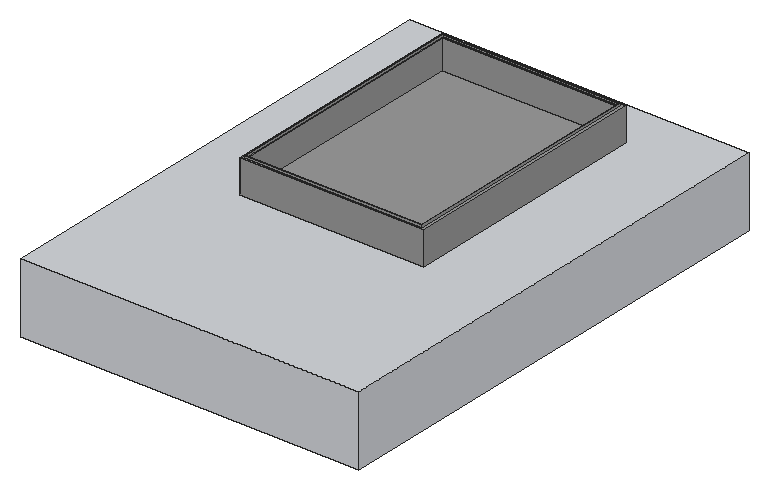
Revit family "Hager-Univers-IP30-D161-Cl.II-FWQ-encl-NL-en", category Equipement électrique, Revit 2020
Family settings
  Hôte = Face
  Configuration du panneau = Deux colonnes, circuits au sein
  Cote de connecteur circulaire = Utiliser le diamètre
  Type d'élément = Tableau de raccordement
  Couper avec des vides une fois chargée = Non
  Partagée = Non
  Point de calcul de pièce = Non
Parameters (values of type "Surface mounted (plaster) IP30 W800 H1100 D161  - FWQ73D1")
  Width Control [instance] = if([EF000008 - Width] > Min Width, [EF000008 - Width], Min Width)  # 800 mm
  Commentaires du type = [HG000003 - Range]  # "Univers"
  Thickness Door [instance] = if([EF009171 - Material plate thickness door/cover] > 3 mm, 3 mm, [EF009171 - Material plate thickness door/cover])  # 2 mm
  Seal Frame Offset [instance] = 17 mm  # constant formula
  Plinth Visibility [instance] = [HG000027 - Plinth height] > 0 mm  # no
  Model = ""
  Min Width [instance] = 100 mm  # constant formula
  Min Height [instance] = 100 mm  # constant formula
  Min Depth [instance] = (2 * [EF009170 - Material plate thickness cabinet]) + 1 mm  # 5 mm
  Internal Frame Depth [instance] = (Door System Depth * 0.5)  # 9 mm
  Height Control [instance] = if([EF000040 - Height] > Min Height, [EF000040 - Height], Min Height)  # 1100 mm
  HG000027 - Plinth height = 0 mm
  HG000026 - Floor standing = no
  HG000024 - Bottom section height = 800 mm
  HG000023 - Double section enclosure = no
  HG000016 - Door 3d visibility [instance] = yes
  HG000015 - Clearance visibility [instance] = no
  HG000014 - Door on the right [instance] = yes
  HG000013 - Door on the left [instance] = not([HG000014 - Door on the right])  # no
  HG000012 - Door swing angle [instance] = 30.00°
  HG000010 - Asymmetric doors = no
  HG000009 - Double swing door = no
  HG000006 - Flush mounted = no
  HG000004 - Manufacturer reference = "FWQ73D1"
  HG000003 - Range = "Univers"
  HG000002 - With door or cover = no
  Frame Offset Bottom [instance] = 10 mm  # constant formula
  Frame Offset [instance] = 15 mm  # constant formula
  EF015940 - Cover with overpressure release = no
  EF011959 - Degree of protection (NEMA) = ""
  EF009554 - Number of openings for flange plates = 6
  EF009212 - Cover model = "EV009916 - With notch"
  EF009171 - Material plate thickness door/cover = 2 mm
  EF009170 - Material plate thickness cabinet = 2 mm
  Fabricant = "Hager"  # constant formula
  EF008873 - Nominal current (In) = 125 A
  EF007800 - Suitable for lightning protection = no
  EF006306 - With lock = no
  EF006244 - Transparent cover/door = no
  EF005474 - Degree of protection (IP) = "EV006410 - IP30"
  EF004464 - Type of door = "EV002646 - Single"
  EF004427 - Number of modules = 252
  EF004293 - Impact strength = ""
  EF003532 - Suitable for outdoor use = no
  EF002950 - Width in number of modular spacings = 12
  EF001613 - Circuit integrity = "EV000494 - None"
  EF001596 - Material housing = "EV000179 - Steel"
  EF001131 - Internal depth = 161 mm
  EF001088 - Extension possible = yes
  EF000437 - Number of conduit inlets = 12
  EF000339 - Type of cover = "EV001012 - Cover"
  EF000266 - Number of rows = 21
  EF000218 - Built-in depth = 0 mm
  EF000118 - With mounting plate = yes
  EF000116 - RAL-number = "9010"
  EF000049 - Depth = 161 mm
  EF000040 - Height = 1100 mm
  EF000008 - Width = 800 mm
  EF000007 - Colour = "EV000202 - White"
  EF000003 - Mounting method = "EV000384 - Surface mounted (plaster)"
  Door System Leaf Tolerance [instance] = 1.5 mm  # constant formula
  Door System Depth [instance] = 18 mm  # constant formula
  Door Height [instance] = Height Control - [HG000027 - Plinth height]  # 1100 mm
  Depth Control [instance] = if([EF000049 - Depth] > Min Depth, [EF000049 - Depth], Min Depth)  # 161 mm
  Default Elevation = 0 mm
  Connector Offset [instance] = Height Control / 2  # 550 mm
  Bottom Top Plate Trim [instance] = 1.5 mm  # constant formula
  Plinth height Ctrl [instance] = if([HG000027 - Plinth height] > 0 mm, [HG000027 - Plinth height], 12 mm)  # 12 mm
Types (2, lengths in mm): name | Width Control | HG000004 - Manufacturer reference | EF009554 - Number of openings for flange plates | EF004427 - Number of modules | EF000437 - Number of conduit inlets | EF000266 - Number of rows | EF000008 - Width
  Surface mounted (plaster) IP30 W1050 H1100 D161  - FWQ74D1 | 1050 | "FWQ74D1" | 8 | 336 | 16 | 28 | 1050
  Surface mounted (plaster) IP30 W800 H1100 D161  - FWQ73D1 | 800 | "FWQ73D1" | 6 | 252 | 12 | 21 | 800
Reference planes
  plane 1 "Center (Front/Back)": y = 0
  plane 2: z = 0
  plane 3 "Center (Left/Right)": x = 0
  plane 4: z = 161
  plane 5: y = 2
  plane 6: y = 550
  plane 7: y = 0
  plane 8: y = 1100
  plane 9: z = 0
  plane 10: x = -385
  plane 11: x = 385
  plane 12: x = 383
  plane 13: x = -383
  plane 14: y = 1098
  plane 15: x = -383
  plane 16: x = -400
  plane 17: x = 383
  plane 18: x = 400
  plane 19: x = 398
  plane 20: x = -398
  plane 21: y = 12
  plane 22: y = 1100
  plane 23: y = 1083
  plane 24: z = 143
  plane 25: z = 2
  plane 26: z = 141
  plane 27: z = 159
Forms (mm)
  Extrusion 1, solid
    sketch origin (0, 0, 0) x (1, 0, 0) y (0, 1, 0)
      loop
        line (-702.964, 1305) -> (-702.964, -811.445) -> (766.763, -811.445) -> (766.763, 1305) -> (-702.964, 1305)
    from 0 to -304.8
  Extrusion 2, solid, material "Hager_Steel_RAL7035_Light_Grey", visible <- "Plinth Visibility", detail levels medium+fine
    sketch origin (0, 0, 0) x (1, 0, 0) y (0, 1, 0)
      loop
        line (-400, 0) -> (400, 0) -> (400, 12) -> (-400, 12) -> (-400, 0)
    from 0 to 143
  Extrusion 3, solid, material "Hager_Steel_RAL7035_Light_Grey", detail levels medium+fine
    sketch origin (0, 0, 0) x (1, 0, 0) y (0, 1, 0)
      loop
        line (-400, 0) -> (400, 0) -> (400, 1100) -> (-400, 1100) -> (-400, 0)
    from 0 to 143
  Extrusion 4, void
    sketch origin (0, 0, 0) x (1, 0, 0) y (0, 1, 0)
      loop
        line (-398, 2) -> (398, 2) -> (398, 1098) -> (-398, 1098) -> (-398, 2)
    from 2 to 141
  Extrusion 5, void
    sketch origin (-381.607, -4572, 143) x (0, -1, 0) y (-1, 0, 0)
      loop
        line (-4584, 1.393) -> (-5655, 1.393) -> (-5655, -764.607) -> (-4584, -764.607) -> (-4584, 1.393)
    from 0 to 2 <- "EF009170 - Material plate thickness cabinet"
  Extrusion 6, solid, material "Hager_Steel_RAL7035_Light_Grey", detail levels fine
    sketch origin (0, 0, 143) x (1, 0, 0) y (0, 1, 0)
      loop
        line (-383, 1083) -> (-383, 12) -> (383, 12) -> (383, 1083) -> (-383, 1083)
      loop
        line (-385, 10) -> (385, 10) -> (385, 1085) -> (-385, 1085) -> (-385, 10)
    from 0 to 9 <- "Internal Frame Depth"
  Extrusion 7, solid, material "Hager_Steel_RAL7035_Light_Grey", detail levels coarse
    sketch origin (0, 0, 0) x (1, 0, 0) y (0, 1, 0)
      loop
        line (-400, 0) -> (400, 0) -> (400, 1100) -> (-400, 1100) -> (-400, 0)
    from 0 to 161
  Sweep 8, void
    path in 3D
      loop
        line (-400, 12, 0) -> (400, 12, 0) -> (400, 12, 143) -> (-400, 12, 143) -> (-400, 12, 0)
    profile origin (-400, 12, 71.5) x (-1, 0, 0) y (0, -1, 0)
      loop
        line (0, 0) -> (0, 1.5) -> (-1.5, 1.5)
        arc (-1.5, 1.5) -> (-1.061, 0.439) -> (0, 0) r 1.5
Cuts and joins
  Extrusion 4, Extrusion 5 cuts Extrusion 3
  Sweep 8 cuts Extrusion 2
Lines and regions (mm)
  Masking region 1
    outline origin (0, 0, 0) x (1, 0, 0) y (0, 0, 1)
      loop
        line (-400, 161) -> (-400, 0) -> (400, 0) -> (400, 161) -> (-400, 161)
  Masking region 2, detail levels medium+fine
    outline origin (0, 140, 0) x (0, 1, 0) y (0, 0, 1)
      loop
        line (-140, 0) -> (960, 0) -> (960, 143) -> (-140, 143) -> (-140, 0)
  Masking region 3, not visible, detail levels medium+fine
    outline origin (0, 297.922, 0) x (0, 1, 0) y (0, 0, 1)
      loop
        line (263.578, 0) -> (303.578, 0) -> (303.578, 149)
        arc (303.578, 149) -> (300.649, 156.071) -> (293.578, 159) r 10
        line (293.578, 159) -> (263.578, 159) -> (263.578, 0)
  Masking region 4, detail levels coarse
    outline origin (0, 0, 180) x (0, 1, 0) y (0, 0, 1)
      loop
        line (0, -180) -> (1100, -180) -> (1100, -19) -> (0, -19) -> (0, -180)
  Masking region 5, visible <- "Plinth Visibility", detail levels medium+fine
    outline origin (0, 52.24, 12.345) x (0, 0, -1) y (0, 1, 0)
      loop
        line (10.845, -40.24) -> (-129.155, -40.24)
        arc (-129.155, -40.24) -> (-129.594, -41.301) -> (-130.655, -41.74) r 1.5
        line (-130.655, -41.74) -> (-130.655, -52.24) -> (12.345, -52.24) -> (12.345, -41.74)
        arc (12.345, -41.74) -> (11.285, -41.301) -> (10.845, -40.24) r 1.5
  Masking region 6, detail levels medium+fine
    outline origin (-381.607, -4572, 143) x (-1, 0, 0) y (0, -1, 0)
      loop
        line (18.393, -5672) -> (18.393, -4572) -> (-781.607, -4572) -> (-781.607, -5672) -> (18.393, -5672)
  Masking region 7, visible <- "Plinth Visibility", detail levels medium+fine
    outline origin (-381.607, -4727, 143) x (-1, 0, 0) y (0, -1, 0)
      loop
        arc (16.893, -4739) -> (17.332, -4737.939) -> (18.393, -4737.5) r 1.5
        line (18.393, -4737.5) -> (18.393, -4727) -> (-781.607, -4727) -> (-781.607, -4737.5)
        arc (-781.607, -4737.5) -> (-780.546, -4737.939) -> (-780.107, -4739) r 1.5
        line (-780.107, -4739) -> (16.893, -4739)
  Masking region 8, detail levels coarse
    outline origin (-442.548, -4669.526, 143) x (-1, 0, 0) y (0, -1, 0)
      loop
        line (-42.548, -5769.526) -> (-42.548, -4669.526) -> (-842.548, -4669.526) -> (-842.548, -5769.526) -> (-42.548, -5769.526)
  sketch lines
    curve 1: line (-400, 12, 143) -> (-400, 12, 0)
    curve 2: line (400, 12, 143) -> (-400, 12, 143)
    curve 3: line (400, 12, 143) -> (400, 12, 0)
    curve 4: line (-400, 12, 0) -> (400, 12, 0)
Dimensions and locks
  "Depth Control": plane 4 to Extrusion 1
  "HG000027 - Plinth height": plane 1 "Center (Front/Back)" to plane 7
  "EF009170 - Material plate thickness cabinet": plane 5 to plane 7
  locked: connector elem to plane 3 "Center (Left/Right)"
  equal spacing: plane 8, plane 6, plane 7
  locked: connector elem to plane 6
  "EF009170 - Material plate thickness cabinet": plane 8 to plane 14
  "EF009170 - Material plate thickness cabinet": plane 10 to plane 13
  "EF009170 - Material plate thickness cabinet": plane 12 to plane 11
  "Frame Offset": plane 20 to plane 13
  "Frame Offset": plane 12 to plane 19
  "EF009170 - Material plate thickness cabinet": plane 16 to plane 20
  "EF009170 - Material plate thickness cabinet": plane 19 to plane 18
  "Seal Frame Offset": plane 16 to plane 15
  "Seal Frame Offset": plane 17 to plane 18
  "Frame Offset Bottom": plane 21 to plane 5
  "Frame Offset": plane 14 to plane 23
  equal spacing: plane 16, plane 3 "Center (Left/Right)", plane 18
  "Width Control": plane 16 to plane 18
  "EF009170 - Material plate thickness cabinet": plane 4 to plane 27
  "EF009170 - Material plate thickness cabinet": plane 24 to plane 26
  "EF009170 - Material plate thickness cabinet": plane 25 to level
  "Door System Depth": plane 4 to plane 24
  "Height Control": plane 1 "Center (Front/Back)" to Extrusion 7 sketch curve
  "Height Control": Masking region 4 sketch curve to plane 1 "Center (Front/Back)"
  "Height Control": plane 1 "Center (Front/Back)" to plane 22
  "Bottom Top Plate Trim": profile plane to Sweep 8 sketch curve
  "Bottom Top Plate Trim": Sweep 8 sketch curve to profile plane
  "Plinth height Ctrl": plane 1 "Center (Front/Back)" to Extrusion 2 sketch curve
  "Plinth height Ctrl": Masking region 5 sketch curve to plane 1 "Center (Front/Back)"
  "Plinth height Ctrl": plane 1 "Center (Front/Back)" to Masking region 7 sketch curve
  "Thickness Door": Extrusion 6 sketch curve to Extrusion 6 sketch curve  (x3)
  "Thickness Door": cut or joined group of Extrusion 3, Extrusion 4, Extrusion 5 to Extrusion 6 sketch curve
  radius of Masking region 3 sketch curve = 10 mm
  "Bottom Top Plate Trim": radius of Masking region 5 sketch curve  (x2)
  "Bottom Top Plate Trim": radius of Sweep 8 sketch curve
  "Bottom Top Plate Trim": radius of Masking region 7 sketch curve  (x2)
  aligned and locked: plane 2 to Extrusion 1
  aligned and locked: level to Extrusion 1
  aligned and locked: level to Masking region 1 sketch curve
  aligned and locked: Masking region 1 sketch curve to plane 18
  aligned and locked: Masking region 1 sketch curve to plane 16
  aligned and locked: plane 7 to Masking region 2 sketch curve
  aligned and locked: level to Masking region 3 sketch curve
  aligned and locked: Masking region 3 sketch curve to plane 27
  aligned and locked: level to Masking region 2 sketch curve
  aligned and locked: plane 1 "Center (Front/Back)" to Extrusion 2 sketch curve
  aligned and locked: Extrusion 3 sketch curve to plane 7
  aligned and locked: plane 16 to Extrusion 3 sketch curve
  aligned and locked: plane 18 to Extrusion 3 sketch curve
  aligned and locked: plane 20 to Extrusion 4 sketch curve
  aligned and locked: plane 19 to Extrusion 4 sketch curve
  aligned and locked: Extrusion 4 sketch curve to plane 5
  aligned and locked: Extrusion 4 to plane 25
  aligned and locked: plane 26 to Extrusion 4
  aligned and locked: plane 24 to Extrusion 3
  aligned and locked: Extrusion 5 sketch curve to plane 21
  aligned and locked: Extrusion 5 sketch curve to plane 13
  aligned and locked: Extrusion 5 sketch curve to plane 12
  aligned and locked: plane 18 to Extrusion 7 sketch curve
  aligned and locked: plane 1 "Center (Front/Back)" to Extrusion 7 sketch curve
  aligned and locked: plane 16 to Extrusion 7 sketch curve
  aligned and locked: plane 4 to Extrusion 7
  aligned and locked: Extrusion 7 to level
  aligned and locked: level to Masking region 4 sketch curve
  aligned and locked: Masking region 4 sketch curve to plane 1 "Center (Front/Back)"
  aligned and locked: Masking region 4 sketch curve to plane 4
  aligned and locked: nested 1 to level
  aligned and locked: nested 1 to plane 16
  aligned and locked: plane 8 to Extrusion 3 sketch curve
  aligned and locked: plane 23 to Extrusion 5 sketch curve
  aligned and locked: plane 14 to Extrusion 4 sketch curve
  aligned and locked: Masking region 2 sketch curve to plane 8
  aligned and locked: level to Masking region 5 sketch curve
  aligned and locked: plane 16 to Extrusion 2 sketch curve
  aligned and locked: plane 18 to Extrusion 2 sketch curve
  aligned and locked: Masking region 5 sketch curve to plane 24
  aligned and locked: Masking region 2 sketch curve to plane 24
  aligned and locked: plane 24 to Extrusion 2
  aligned and locked: profile plane to Sweep 8 sketch curve  (x2)
  aligned and locked: Masking region 6 sketch curve to plane 18
  aligned and locked: Masking region 6 sketch curve to plane 22
  aligned and locked: Masking region 6 sketch curve to plane 16
  aligned and locked: plane 8 to plane 22
  aligned and locked: Masking region 6 sketch curve to plane 7
  aligned and locked: Masking region 7 sketch curve to plane 16
  aligned and locked: Masking region 7 sketch curve to plane 1 "Center (Front/Back)"
  aligned and locked: Masking region 7 sketch curve to plane 18
  aligned and locked: Masking region 8 sketch curve to plane 1 "Center (Front/Back)"
  aligned and locked: Masking region 8 sketch curve to plane 18
  aligned and locked: Masking region 8 sketch curve to plane 22
  aligned and locked: Masking region 8 sketch curve to plane 16
  aligned and locked: nested 2 to plane 7
  aligned and locked: plane 3 "Center (Left/Right)" to nested 2
  aligned and locked: nested 2 to plane 24
  aligned and locked: Extrusion 6 sketch curve to cut or joined group of Extrusion 3, Extrusion 4, Extrusion 5  (x4)
Automatic sketch dimensions
  Extrusion 1 sketch curve to Extrusion 1 sketch curve = 1469.727 mm
  Extrusion 1 sketch curve to Extrusion 1 sketch curve = 2116.445 mm
  Masking region 1 sketch curve to plane 4 = 0 mm
  plane 6 to Masking region 3 sketch curve = 11.5 mm
  Masking region 3 sketch curve to Masking region 3 sketch curve = 30 mm
  Masking region 5 sketch curve to plane 1 "Center (Front/Back)" = 0 mm
Nested families
  nested 1: "Hager_Enclosure_Symbol" at (-400, 0, 0) x (1, 0, 0) z (0, -1, 0), Height <- "Depth Control", Width <- "Width Control", type "Hager_Enclosure_Symbol"
    with Width_Ctrl 800 mm, Width 800 mm, Height_Ctrl 161 mm, Height 161 mm, A_Width_Int 10.566 mm, A_Width 126.788 mm, A_Height_Ctrl 140.875 mm, A_Height 140.875 mm
  nested 2: "EC000058_Univers_Door" at (0, 0, 143) x (1, 0, 0) z (0, 1, 0), Leaf_Tolerance <- "Door System Leaf Tolerance", Angle <- "HG000012 - Door swing angle", Door_Depth <- "Door System Depth", Door_Left <- "HG000013 - Door on the left", Transparent <- "EF006244 - Transparent cover/door", Assymetrical <- "HG000010 - Asymmetric doors", Width <- "Width Control", Clearance <- "HG000015 - Clearance visibility", Double <- "HG000009 - Double swing door", 3d_Door <- "HG000016 - Door 3d visibility", Lock_Visibility <- "EF006306 - With lock", Width_Ctrl <- "Width Control", Door_Right <- "HG000014 - Door on the right", Door <- "HG000002 - With door or cover", Height <- "Door Height", Thickness <- "Thickness Door", type "EC000058_Univers_Door", detail levels medium+fine
    with min_wh 5 mm, Width_Ctrl 800 mm, Width 800 mm, Transparent no, Thickness 2 mm, Seal_Material Hager_Rubber, Lock_Visibility no, Lock_Material Hager_Plastic_RAL9005_Jet_Black, Leaf_Width 800 mm, Leaf_Tolerance_External_Sides 0 mm, Leaf_Tolerance 1.5 mm, Leaf_Offset 0 mm, Leaf_Height 1097 mm, Leaf_2_Width 800 mm, Leaf_2_Offset 400 mm, Leaf_1_Width 800 mm, Leaf_1_Offset 400 mm, Height_Ctrl 1100 mm, Height 1100 mm, Glass_Material Hager_Glass, Double_Clearance_Ctrl no, Double no, Door_Right_Ctrl no, Door_Right yes, Door_Material Hager_Steel_RAL7035_Light_Grey, Door_Left_Ctrl no, Door_Left no, Door_Depth 18 mm, Door no, Clearance_Material Hager_Clearance, Clearance_Depth 800 mm, Clearance_Ctrl no, Clearance no, Assymetrical no, Angle 30.00°, 3d_Door yes
Connectors
  electrical at (0, 550, 0)
    settings: on plane 9, index 1, voltage 0 V, apparent load 0 VA, apparent load phase1 0 VA, apparent load phase2 0 VA, apparent load phase3 0 VA, power factor 1, load classification "Other", number of poles 1, system type 30, power factor state 1, is connector primary yes, connector utility no, sub classification motor no, connector description ""
Definition of nested family "Hager_Enclosure_Symbol"
  Parameters (values of type "Hager_Enclosure_Symbol")
    Width_Ctrl [instance] = if(Width > 1 mm, Width, 1 mm)  # 102.27 mm
    Width [instance] = 102.27 mm
    Height_Ctrl [instance] = if(Height > 1 mm, Height, 1 mm)  # 66.5 mm
    A_Width_Int [instance] = if(A_Width / 12 > 2 mm, A_Width / 12, 2 mm)  # 4.364 mm
    A_Width [instance] = if(A_Height_Ctrl * 0.9 > 2 mm, A_Height_Ctrl * 0.9, 2 mm)  # 52.369 mm
    A_Height_Ctrl [instance] = if(A_Height > 2 mm, A_Height, 2 mm)  # 58.188 mm
    Height [instance] = 66.5 mm
    A_Height [instance] = Height - (Height / 8)  # 58.188 mm
  Reference planes
    plane 1 "Centre (avant/arrière)": y = 0
    plane 2: z = 0
    plane 3 "Centre (gauche/droite)": x = 0
    plane 4: x = 52.369
    plane 5: y = 33.042
    plane 6: y = 41.77
    plane 7: y = 66.5
    plane 8: x = 26.184
    plane 9: y = 37.406
    plane 10: x = 102.27
    plane 11: y = 66.5
    plane 12: y = 8.313
  Lines and regions (mm)
    Filled region 1, type "Solid_Black", in view "Niveau de réf."
      outline origin (0, 0, 0) x (1, 0, 0) y (0, 1, 0)
        loop
          line (52.369, 66.5) -> (33.188, 54.536) -> (45.365, 45.006) -> (52.369, 66.5)
    Filled region 2, type "Solid_Black", in view "Niveau de réf."
      outline origin (0, 0, 0) x (1, 0, 0) y (0, 1, 0)
        loop
          line (0, 0) -> (102.27, 0) -> (102.27, 66.5) -> (0, 0)
    detail lines, in view "Niveau de réf."
      curve 1: line (0, 8.313, 0) -> (26.184, 41.77, 0)
      curve 2: line (26.184, 41.77, 0) -> (26.184, 33.042, 0)
      curve 3: line (26.184, 33.042, 0) -> (52.369, 66.5, 0)
  Dimensions and locks
    "A_Width": plane 3 "Centre (gauche/droite)" to plane 4
    equal spacing: plane 3 "Centre (gauche/droite)", plane 8, plane 4
    equal spacing: plane 6, plane 9, plane 5
    equal spacing: curve 3, Filled region 1 sketch curve, Filled region 1 sketch curve
    "Height_Ctrl": plane 1 "Centre (avant/arrière)" to plane 11
    "A_Height_Ctrl": plane 11 to plane 12
    equal spacing: plane 11, plane 9, plane 12
    "A_Width_Int": plane 6 to plane 9
    "Width_Ctrl": plane 3 "Centre (gauche/droite)" to plane 10
    angle Filled region 1 sketch curve to curve 3 = 20.00°
    angle curve 3 to Filled region 1 sketch curve = 20.00°
    locked: curve 3 to Filled region 1 sketch curve (angle 90.00°)
    aligned and locked: plane 10 to Filled region 2
    aligned and locked: plane 11 to Filled region 2 sketch curve
    aligned and locked: plane 10 to Filled region 2 sketch curve
    aligned and locked: plane 3 "Centre (gauche/droite)" to curve 1
    aligned and locked: plane 12 to curve 1
    aligned and locked: plane 7 to plane 11
  Automatic sketch dimensions
    Filled region 1 sketch curve to plane 4 = 0 mm
    Filled region 1 sketch curve to plane 7 = 0 mm
    plane 1 "Centre (avant/arrière)" to Filled region 2 sketch curve = 0 mm
    Filled region 2 sketch curve to plane 3 "Centre (gauche/droite)" = 0 mm
    curve 2 to plane 6 = 0 mm
    curve 2 to plane 8 = 0 mm
    curve 3 to plane 4 = 0 mm
    curve 2 to plane 5 = 0 mm
    curve 3 to plane 7 = 0 mm
Definition of nested family "EC000058_Univers_Door"
  Parameters (values of type "EC000058_Univers_Door")
    min_wh [instance] = (2 * Thickness) + 1 mm  # 11 mm
    Width_Ctrl [instance] = 400 mm
    Width [instance] = 500 mm
    Transparent [instance] = yes
    Thickness [instance] = 5 mm
    Seal_Material [instance] = none
    Lock_Visibility [instance] = yes
    Lock_Material [instance] = none
    Leaf_Width [instance] = if((Width_Ctrl - 2 * Leaf_Tolerance_External_Sides) > 0 mm, (Width_Ctrl - 2 * Leaf_Tolerance_External_Sides), min_wh)  # 400 mm
    Leaf_Tolerance_External_Sides [instance] = 0 mm  # constant formula
    Leaf_Tolerance [instance] = 1.5 mm
    Leaf_Offset [instance] = 0 mm  # constant formula
    Leaf_Height [instance] = if((Height_Ctrl - 2 * Leaf_Tolerance) > 0 mm, (Height_Ctrl - 2 * Leaf_Tolerance), min_wh)  # 497 mm
    Leaf_2_Width [instance] = if(and(and(Double, Assymetrical), Door_Left), (Leaf_Width / 3) - (Leaf_Tolerance / 2), if(and(and(Double, Assymetrical), Door_Right), (Leaf_Width / 3) * 2 - (Leaf_Tolerance / 2), if(and(Double, not(Assymetrical)), (Leaf_Width / 2) - Leaf_Tolerance, Leaf_Width)))  # 400 mm
    Leaf_2_Offset [instance] = if(and(Double, Assymetrical), Leaf_2_Width / 2, if(and(Double, not(Assymetrical)), Leaf_Width / 4, Leaf_Width / 2))  # 200 mm
    Leaf_1_Width [instance] = if(and(and(Double, Assymetrical), Door_Right), (Leaf_Width / 3) - (Leaf_Tolerance / 2), if(and(and(Double, Assymetrical), Door_Left), (Width / 3) * 2 - (Leaf_Tolerance / 2), if(and(Double, not(Assymetrical)), (Leaf_Width / 2) - Leaf_Tolerance, Leaf_Width)))  # 400 mm
    Leaf_1_Offset [instance] = if(and(Double, Assymetrical), Leaf_1_Width / 2, if(and(Double, not(Assymetrical)), Leaf_Width / 4, Leaf_Width / 2))  # 200 mm
    Height_Ctrl [instance] = if(Height > min_wh, Height, min_wh)  # 500 mm
    Height [instance] = 500 mm
    Glass_Material [instance] = none
    Double_Clearance_Ctrl [instance] = and(Double, Clearance)  # no
    Double [instance] = no
    Door_Right_Ctrl [instance] = and(or(Door_Right, Double), Door)  # yes
    Door_Right [instance] = yes
    Door_Material [instance] = none
    Door_Left_Ctrl [instance] = and(or(Door_Left, Double), Door)  # no
    Door_Left [instance] = no
    Door_Depth [instance] = 30 mm
    Door [instance] = yes
    Default Elevation = 1219.2 mm
    Clearance_Material [instance] = none
    Clearance_Depth [instance] = if(Leaf_1_Width > Leaf_2_Width, Leaf_1_Width, Leaf_2_Width)  # 400 mm
    Clearance_Ctrl [instance] = and(not(Double), Clearance)  # yes
    Clearance [instance] = yes
    Assymetrical [instance] = yes
    Angle [instance] = 30.00°
    3d_Door [instance] = yes
  Reference planes
    plane 1 "Center (Front/Back)": y = 0
    plane 2 "Bottom": z = 0
    plane 3 "Center (Left/Right)": x = 0
    plane 4: z = 500
    plane 5: x = -200
    plane 6: x = 200
    plane 7: z = 500
    plane 8: x = -200
    plane 9: z = 0
    plane 10: x = 200
    plane 11: y = 0
    plane 12: z = 1.5
    plane 13: x = -600
    plane 14: y = -400
    plane 15: x = 600
    plane 16: x = 0
    plane 17: x = 0
    plane 18: x = -200
    plane 19: x = 200
    plane 20: z = 498.5
  Forms (mm)
    Extrusion 1, solid, material <- "Clearance_Material", visible <- "Double_Clearance_Ctrl"
      sketch origin (1200, 0, 0) x (1, 0, 0) y (0, 0, -1)
        loop
          line (-1800, -498.5) -> (-600, -498.5) -> (-600, 0) -> (-1800, 0) -> (-1800, -498.5)
      from 0 to -400
  Dimensions and locks
    equal spacing: plane 5, plane 3 "Center (Left/Right)", plane 6
    "Width_Ctrl": plane 5 to plane 6
    "Leaf_Offset": plane 5 to plane 8
    "Leaf_Offset": plane 6 to plane 10
    "Leaf_Offset": plane 9 to level
    "Leaf_Offset": plane 4 to plane 7
    "Height_Ctrl": plane 4 to level
    "Leaf_Tolerance": plane 12 to plane 9
    locked: plane 11 to plane 1 "Center (Front/Back)"
    "Leaf_1_Offset": plane 18 to plane 16
    "Leaf_2_Offset": plane 17 to plane 19
    "Leaf_1_Width": plane 13 to plane 8
    "Leaf_2_Width": plane 10 to plane 15
    "Clearance_Depth": plane 14 to plane 1 "Center (Front/Back)"
    "Leaf_Tolerance_External_Sides": plane 8 to plane 18
    "Leaf_Tolerance_External_Sides": plane 19 to plane 10
    "Leaf_Tolerance": plane 7 to plane 20
    aligned and locked: level to plane 2 "Bottom"
    aligned and locked: nested 1 to plane 16
    aligned and locked: nested 2 to plane 17
    aligned and locked: Extrusion 1 to plane 13
    aligned and locked: plane 15 to Extrusion 1
    aligned and locked: Extrusion 1 to plane 14
    aligned and locked: plane 12 to nested 1
    aligned and locked: nested 2 to plane 12
    aligned and locked: Extrusion 1 to plane 11
    aligned and locked: plane 20 to Extrusion 1
    aligned and locked: nested 2 to plane 11
    aligned and locked: nested 1 to plane 11
  Automatic sketch dimensions
    Extrusion 1 sketch curve to level = 0 mm
    plane 5 to Extrusion 1 sketch curve = 400 mm
    plane 6 to Extrusion 1 sketch curve = 400 mm
    Extrusion 1 sketch curve to plane 4 = 1.5 mm
  Nested families
    nested 1: "EC000058_Univers_Door_Leaf" at (0, 0, 1.5), Width <- "Leaf_1_Width", visible <- "Door_Left_Ctrl", Leaf_Height <- "Leaf_Height", Angle <- "Angle", 3d_Door <- "3d_Door", Transparent <- "Transparent", Clearance Material <- "Clearance_Material", Clearance <- "Clearance_Ctrl", Door_Material <- "Door_Material", Glass_Material <- "Glass_Material", Door_Depth <- "Door_Depth", Lock_Material <- "Lock_Material", Seal_Material <- "Seal_Material", Lock_Visibility <- "Lock_Visibility", Thickness <- "Thickness", type "EC000058_Univers_Door_Leaf"
      with Width 400 mm, Transparent_Glass_Offset 30 mm, Transparent_Ctrl yes, Transparent yes, Thickness 5 mm, Standard no, Seal_Material none, Seal_D2 8 mm, Seal_D1 1 mm, Offset_Internal_Frame 10 mm, Lock_Width 20 mm, Lock_Visibility_3d yes, Lock_Visibility yes, Lock_Thickness_3 3 mm, Lock_Thickness_2 1 mm, Lock_Thickness_1 3 mm, Lock_Radius_Offset_2 16 mm, Lock_Radius_Offset_1 15 mm, Lock_Radius_2 5 mm, Lock_Radius 6 mm, Lock_Offset 5 mm, Lock_Material none, Lock_Height 80 mm, Lock_Cover_Top_Offset_2d 17 mm, Lock_Cover_Height -65 mm, Leaf_Height 497 mm, Internal_Seal_Thickness 8 mm, Internal_Seal_Depth_2 4.5 mm, Internal_Frame_Depth 25 mm, Glass_Thickness -1 mm, Glass_Offset -2 mm, Glass_Material none, Door_Material none, Door_Depth 30 mm, Clearance Material none, Clearance yes, Angle_Ctrl 30.00°, Angle 30.00°, 3d_Door yes
    nested 2: "EC000058_Univers_Door_Leaf" at (0, 0, 1.5) x (-1, 0, 0) z (0, 0, 1), Width <- "Leaf_2_Width", visible <- "Door_Right_Ctrl", Leaf_Height <- "Leaf_Height", Angle <- "Angle", 3d_Door <- "3d_Door", Transparent <- "Transparent", Clearance Material <- "Clearance_Material", Clearance <- "Clearance_Ctrl", Door_Material <- "Door_Material", Glass_Material <- "Glass_Material", Door_Depth <- "Door_Depth", Lock_Material <- "Lock_Material", Seal_Material <- "Seal_Material", Lock_Visibility <- "Lock_Visibility", Thickness <- "Thickness", type "EC000058_Univers_Door_Leaf"
      with Width 400 mm, Transparent_Glass_Offset 30 mm, Transparent_Ctrl yes, Transparent yes, Thickness 5 mm, Standard no, Seal_Material none, Seal_D2 8 mm, Seal_D1 1 mm, Offset_Internal_Frame 10 mm, Lock_Width 20 mm, Lock_Visibility_3d yes, Lock_Visibility yes, Lock_Thickness_3 3 mm, Lock_Thickness_2 1 mm, Lock_Thickness_1 3 mm, Lock_Radius_Offset_2 16 mm, Lock_Radius_Offset_1 15 mm, Lock_Radius_2 5 mm, Lock_Radius 6 mm, Lock_Offset 5 mm, Lock_Material none, Lock_Height 80 mm, Lock_Cover_Top_Offset_2d 17 mm, Lock_Cover_Height -65 mm, Leaf_Height 497 mm, Internal_Seal_Thickness 8 mm, Internal_Seal_Depth_2 4.5 mm, Internal_Frame_Depth 25 mm, Glass_Thickness -1 mm, Glass_Offset -2 mm, Glass_Material none, Door_Material none, Door_Depth 30 mm, Clearance Material none, Clearance yes, Angle_Ctrl 30.00°, Angle 30.00°, 3d_Door yes
  Definition of nested family "EC000058_Univers_Door_Leaf"
    Parameters (values of type "EC000058_Univers_Door_Leaf")
      Width [instance] = 2000 mm
      Transparent_Glass_Offset [instance] = 30 mm
      Transparent_Ctrl [instance] = and(Transparent, [3d_Door])  # yes
      Transparent [instance] = yes
      Thickness [instance] = 5 mm
      Standard [instance] = and(not(Transparent), [3d_Door])  # no
      Seal_Material [instance] = none
      Seal_D2 [instance] = 8 mm  # constant formula
      Seal_D1 [instance] = 1 mm  # constant formula
      Offset_Internal_Frame [instance] = 10 mm  # constant formula
      Lock_Width [instance] = 20 mm  # constant formula
      Lock_Visibility_3d [instance] = and(Lock_Visibility, [3d_Door])  # yes
      Lock_Visibility [instance] = yes
      Lock_Thickness_3 [instance] = 3 mm  # constant formula
      Lock_Thickness_2 [instance] = 1 mm  # constant formula
      Lock_Thickness_1 [instance] = 3 mm  # constant formula
      Lock_Radius_Offset_2 [instance] = Lock_Radius_Offset_1 + 1 mm  # 16 mm
      Lock_Radius_Offset_1 [instance] = 15 mm  # constant formula
      Lock_Radius_2 [instance] = Lock_Radius - 1 mm  # 5 mm
      Lock_Radius [instance] = 6 mm  # constant formula
      Lock_Offset [instance] = 5 mm  # constant formula
      Lock_Material [instance] = none
      Lock_Height [instance] = 80 mm  # constant formula
      Lock_Cover_Top_Offset_2d [instance] = Lock_Radius_Offset_2 + 1 mm  # 17 mm
      Lock_Cover_Height [instance] = -(Lock_Height - Lock_Radius_Offset_1)  # -65 mm
      Leaf_Height [instance] = 2720.336 mm
      Internal_Seal_Thickness [instance] = 8 mm  # constant formula
      Internal_Seal_Depth_2 [instance] = 4.5 mm  # constant formula
      Internal_Frame_Depth [instance] = if(Door_Depth - Thickness > 5 mm, Door_Depth - Thickness, 5 mm)  # 25 mm
      Glass_Thickness [instance] = if(Thickness > 15 mm, Glass_Offset + 10 mm, -1 mm)  # -1 mm
      Glass_Offset [instance] = if(Thickness > 15 mm, -(Thickness + 10 mm) / 2, -2 mm)  # -2 mm
      Glass_Material [instance] = none
      Door_Material [instance] = none
      Door_Depth [instance] = 30 mm
      Default Elevation = 0 mm
      Clearance Material [instance] = none
      Clearance [instance] = yes
      Angle_Ctrl [instance] = if(Angle > 180.00°, 180.00°, Angle)  # 90.00°
      Angle [instance] = 90.00°
      3d_Door [instance] = yes
    Reference planes
      plane 1 "Center (Front/Back)": y = 0
      plane 2: z = 0
      plane 3 "Center (Left/Right)": x = 0
      plane 4: y = 2000
      plane 5: x = -1000
      plane 6: x = 1000
      plane 7: x = -3000
      plane 8: z = 2720.336
      plane 9: z = 30
      plane 10: z = 2690.336
      plane 11: x = 970
      plane 12: x = -970
      plane 13: y = -3
      plane 14: z = 107.833
      plane 15: y = -5
      plane 16: y = -223.314
      plane 17: x = -1000
      plane 18: z = 1360.168
      plane 19: y = 30
    Forms (mm)
      Extrusion 1, solid, material <- "Clearance Material", visible <- "Clearance"
        sketch origin (0, 0, 0) x (1, 0, 0) y (0, 0, 1)
          loop
            line (-3000, 2720.336) -> (-3000, 0) -> (1000, 0) -> (1000, 2720.336) -> (-3000, 2720.336)
        from 0 to -2000
      Extrusion 2, solid, material <- "Door_Material", visible <- "Standard", detail levels medium+fine
        sketch origin (-1000, 0, 0) x (0, 1, 0) y (-1, 0, 0)
          loop
            line (0, 30) -> (0, 25) -> (2000, 25) -> (2000, 30) -> (0, 30)
        from 0 to 2720.336 <- "Leaf_Height"
      Extrusion 3, solid, material <- "Door_Material", visible <- "Transparent_Ctrl", detail levels medium+fine
        sketch origin (-1000, 0, 0) x (0, 1, 0) y (-1, 0, 0)
          loop
            line (0, 25) -> (2000, 25) -> (2000, 30) -> (0, 30) -> (0, 25)
        from 0 to 2720.336 <- "Leaf_Height"
      Extrusion 4, void
        sketch origin (-1025, 2000, 0) x (0, 1, 0) y (0, 0, -1)
          loop
            line (-30, -2690.336) -> (-30, -30) -> (-1970, -30) -> (-1970, -2690.336) -> (-30, -2690.336)
        from 0 to 5 <- "Thickness"
      Sweep 5, solid, material <- "Seal_Material", visible <- "Transparent_Ctrl", detail levels fine
        path in 3D
          loop
            line (-1025, 30, 30) -> (-1025, 30, 2690.336) -> (-1025, 1970, 2690.336) -> (-1025, 1970, 30) -> (-1025, 30, 30)
        profile origin (-1025, 1000, 30) x (1, 0, 0) y (0, 0, 1)
          loop
            line (0, 0) -> (0, -8) -> (1, -8) -> (1, 0) -> (0, 0)
      Extrusion 6, solid, material <- "Glass_Material", visible <- "Transparent_Ctrl", detail levels medium+fine
        sketch origin (-1030, 0, 0) x (0, 1, 0) y (0, 0, -1)
          loop
            line (1970, -2690.336) -> (1970, -30) -> (30, -30) -> (30, -2690.336) -> (1970, -2690.336)
        from -2 <- "Glass_Offset" to -1 <- "Glass_Thickness"
      Extrusion 7, solid, material <- "Door_Material", visible <- "3d_Door", detail levels medium+fine
        sketch origin (-1025, 2000, 0) x (0, -1, 0) y (0, 0, -1)
          loop
            line (0, -2720.336) -> (2000, -2720.336) -> (2000, 0) -> (0, 0) -> (0, -2720.336)
          loop
            line (1995, -5) -> (5, -5) -> (5, -2715.336) -> (1995, -2715.336) -> (1995, -5)
        from 0 to 25 <- "Internal_Frame_Depth"
      Sweep 8, solid, material <- "Seal_Material", visible <- "Transparent_Ctrl", detail levels fine
        path in 3D
          loop
            line (-1025, 0, 0) -> (-1025, 2000, 0) -> (-1025, 2000, 2720.336) -> (-1025, 0, 2720.336) -> (-1025, 0, 0)
        profile origin (-1025, 0, 1360.168) x (1, 0, 0) y (0, 1, 0)
          loop
            line (0, 10) -> (2.975, 10)
            arc (2.975, 10) -> (4.053, 10.447) -> (4.5, 11.525) r 1.525
            line (4.5, 11.525) -> (4.5, 16.527)
            arc (4.5, 16.527) -> (4.069, 17.569) -> (3.027, 18) r 1.473
            line (3.027, 18) -> (0, 18) -> (0, 10)
      Extrusion 9, solid, material <- "Lock_Material", visible <- "Lock_Visibility_3d", detail levels fine
        sketch origin (-1030, 0, 0) x (0, 1, 0) y (0, 0, -1)
          loop
            arc (1993.5, -1400.168) -> (1994.561, -1399.729) -> (1995, -1398.668) r 1.5
            line (1995, -1398.668) -> (1995, -1320.168) -> (1975, -1320.168) -> (1975, -1398.668)
            arc (1975, -1398.668) -> (1975.439, -1399.729) -> (1976.5, -1400.168) r 1.5
            line (1976.5, -1400.168) -> (1993.5, -1400.168)
        from 3 <- "Lock_Thickness_1" to 0
      Blend 10, solid, material <- "Lock_Material", visible <- "Lock_Visibility_3d", detail levels fine
        base sketch origin (-1033, 0, 0) x (0, 1, 0) y (0, 0, -1)
          loop
            line (1975, -1320.168) -> (1975, -1398.668)
            arc (1975, -1398.668) -> (1975.439, -1399.729) -> (1976.5, -1400.168) r 1.5
            line (1976.5, -1400.168) -> (1993.5, -1400.168)
            arc (1993.5, -1400.168) -> (1994.561, -1399.729) -> (1995, -1398.668) r 1.5
            line (1995, -1398.668) -> (1995, -1320.168) -> (1975, -1320.168)
        top sketch origin (-1033, 0, 0) x (0, 1, 0) y (0, 0, -1)
          loop
            line (1976, -1320.168) -> (1976, -1398.668)
            arc (1976, -1398.668) -> (1976.146, -1399.022) -> (1976.5, -1399.168) r 0.5
            line (1976.5, -1399.168) -> (1993.5, -1399.168)
            arc (1993.5, -1399.168) -> (1993.854, -1399.022) -> (1994, -1398.668) r 0.5
            line (1994, -1398.668) -> (1994, -1320.168) -> (1976, -1320.168)
        from 0 to 1 <- "Lock_Thickness_2"
      Blend 11, solid, material <- "Lock_Material", visible <- "Lock_Visibility_3d", detail levels fine
        base sketch origin (-1034, 0, 0) x (0, 1, 0) y (0, 0, -1)
          loop
            line (1978, -1320.168) -> (1978, -1384.168)
            arc (1978, -1384.168) -> (1985, -1391.168) -> (1992, -1384.168) r 7
            line (1992, -1384.168) -> (1992, -1320.168) -> (1978, -1320.168)
        top sketch origin (-1034, 0, 0) x (0, 1, 0) y (0, 0, -1)
          loop
            line (1991, -1320.168) -> (1979, -1320.168) -> (1979, -1383.168)
            arc (1979, -1383.168) -> (1985, -1389.168) -> (1991, -1383.168) r 6
            line (1991, -1383.168) -> (1991, -1320.168)
        from 0 to 3 <- "Lock_Thickness_3"
      Extrusion 12, solid, material <- "Lock_Material", visible <- "Lock_Visibility_3d", detail levels fine
        sketch origin (-1030, 1975, 1320.168) x (1, 0, 0) y (0, -1, 0)
          loop
            line (-7, -19) -> (-7, -1) -> (0, -1) -> (0, 0) -> (-8, 0) -> (-8, -20) -> (0, -20) -> (0, -19) -> (-7, -19)
        from 0 to -65 <- "Lock_Cover_Height"
      Extrusion 13, void
        sketch origin (-1038, 1995, 1320.168) x (-1, 0, 0) y (0, 0, -1)
          loop
            line (-5, -65) -> (0, -65) -> (-5, -60) -> (-5, -65)
        from 0 to 20 <- "Lock_Width"
      Extrusion 14, void
        sketch origin (-1038, 1975, 1320.168) x (0, -1, 0) y (0, 0, -1)
          loop
            circle (-10, -15.995) r 6
          loop
            circle (-10, -15.995) r 5
        from 0 to 2
      Extrusion 15, solid, material <- "Lock_Material", visible <- "Lock_Visibility_3d", detail levels medium
        sketch origin (-1030, 0, 0) x (0, 1, 0) y (0, 0, -1)
          loop
            arc (1993.5, -1400.168) -> (1994.561, -1399.729) -> (1995, -1398.668) r 1.5
            line (1995, -1398.668) -> (1995, -1320.168) -> (1975, -1320.168) -> (1975, -1398.668)
            arc (1975, -1398.668) -> (1975.439, -1399.729) -> (1976.5, -1400.168) r 1.5
            line (1976.5, -1400.168) -> (1993.5, -1400.168)
        from 8 to 0
    Cuts and joins
      Extrusion 4 cuts Extrusion 3
      Extrusion 13, Extrusion 14 cuts Extrusion 9
      Extrusion 14 cuts Blend 11
      Extrusion 13, Extrusion 14 cuts Extrusion 12
      joined: Extrusion 9, Blend 10, Blend 11, Extrusion 12
      Extrusion 14 cuts Extrusion 15
    Lines and regions (mm)
      Masking region 1, visible <- "Lock_Visibility", detail levels fine
        outline origin (0, 0, 0) x (0, 1, 0) y (0, 0, 1)
          loop
            line (30, 1320.168) -> (33, 1320.168) -> (33, 1400.168) -> (30, 1400.168) -> (30, 1320.168)
      Masking region 2, visible <- "Lock_Visibility", detail levels fine
        outline origin (0, 3.143, 0) x (0, 1, 0) y (0, 0, 1)
          loop
            line (29.857, 1354.168) -> (30.857, 1354.168) -> (30.857, 1366.168) -> (29.857, 1366.168) -> (29.857, 1354.168)
      Masking region 3, detail levels medium+fine
        outline origin (0, 0, 0) x (0, 1, 0) y (0, 0, 1)
          loop
            line (0, 0) -> (30, 0) -> (30, 2720.336) -> (0, 2720.336) -> (0, 0)
      Masking region 4, detail levels medium+fine
        outline origin (0, 0, 0) x (1, 0, 0) y (0, 0, 1)
          loop
            line (-1000, 2720.336) -> (-1000, 0) -> (1000, 0) -> (1000, 2720.336) -> (-1000, 2720.336)
      Masking region 5, visible <- "Lock_Visibility", detail levels fine
        outline origin (-47.116, 0, 0) x (1, 0, 0) y (0, 0, 1)
          loop
            arc (1024.616, 1399.168) -> (1023.556, 1398.729) -> (1023.116, 1397.668) r 1.5
            line (1023.116, 1397.668) -> (1023.116, 1320.168) -> (1041.116, 1320.168) -> (1041.116, 1397.668)
            arc (1041.116, 1397.668) -> (1040.677, 1398.729) -> (1039.616, 1399.168) r 1.5
            line (1039.616, 1399.168) -> (1024.616, 1399.168)
      Masking region 6, visible <- "Lock_Visibility", detail levels medium+fine
        outline origin (-25, 0, 0) x (1, 0, 0) y (0, 0, 1)
          loop
            arc (1001.5, 1400.168) -> (1000.439, 1399.729) -> (1000, 1398.668) r 1.5
            line (1000, 1398.668) -> (1000, 1320.168) -> (1020, 1320.168) -> (1020, 1398.668)
            arc (1020, 1398.668) -> (1019.561, 1399.729) -> (1018.5, 1400.168) r 1.5
            line (1018.5, 1400.168) -> (1001.5, 1400.168)
      Masking region 7, visible <- "Lock_Visibility", detail levels fine
        outline origin (-73.735, 0, 0) x (1, 0, 0) y (0, 0, 1)
          loop
            line (1051.735, 1382.168) -> (1065.735, 1382.168) -> (1065.735, 1384.168)
            arc (1065.735, 1384.168) -> (1058.735, 1391.168) -> (1051.735, 1384.168) r 7
            line (1051.735, 1384.168) -> (1051.735, 1382.168)
      Masking region 8, visible <- "Lock_Visibility", detail levels fine
        outline origin (-73.735, 0, 0) x (1, 0, 0) y (0, 0, 1)
          loop
            line (1052.735, 1382.168) -> (1064.735, 1382.168) -> (1064.735, 1383.168)
            arc (1064.735, 1383.168) -> (1058.735, 1389.168) -> (1052.735, 1383.168) r 6
            line (1052.735, 1383.168) -> (1052.735, 1382.168)
      Masking region 9, visible <- "Lock_Visibility", detail levels fine
        outline origin (-25, 0, 0) x (1, 0, 0) y (0, 0, 1)
          loop
            line (1020, 1320.168) -> (1020, 1382.168) -> (1000, 1382.168) -> (1000, 1320.168) -> (1020, 1320.168)
      Masking region 10, detail levels medium+fine
        outline origin (0, 0, 0) x (1, 0, 0) y (0, 0, 1)
          loop
            circle (985, 1335.144) r 6
      Masking region 11, detail levels fine
        outline origin (0, 0, 0) x (1, 0, 0) y (0, 0, 1)
          loop
            circle (985, 1335.144) r 5
      Masking region 12, visible <- "Lock_Visibility", detail levels fine
        outline origin (0, 12.767, 0) x (0, 1, 0) y (0, 0, 1)
          loop
            line (20.233, 1320.168) -> (21.233, 1320.168) -> (21.233, 1399.168) -> (20.233, 1400.168) -> (20.233, 1320.168)
      Masking region 13, visible <- "Lock_Visibility", detail levels fine
        outline origin (0, 13.767, -10) x (0, 1, 0) y (0, 0, 1)
          loop
            line (20.233, 1330.168) -> (23.233, 1330.168) -> (23.233, 1399.168) -> (20.233, 1402.168) -> (20.233, 1330.168)
      Masking region 14, visible <- "Lock_Visibility", detail levels fine
        outline origin (0, 12.767, -10) x (0, 1, 0) y (0, 0, 1)
          loop
            line (20.233, 1330.168) -> (25.233, 1330.168) -> (25.233, 1399.305) -> (20.233, 1394.305) -> (20.233, 1330.168)
      Masking region 15, visible <- "Lock_Visibility", detail levels medium
        outline origin (0, 0, 0) x (0, 1, 0) y (0, 0, 1)
          loop
            line (30, 1320.168) -> (38, 1320.168) -> (38, 1400.168) -> (30, 1400.168) -> (30, 1320.168)
      Masking region 16, visible <- "Lock_Visibility", detail levels fine
        outline origin (-1000, 0, 0) x (0, 1, 0) y (-1, 0, 0)
          loop
            line (1975, 30) -> (1995, 30) -> (1995, 38) -> (1975, 38) -> (1975, 30)
          loop
            line (1979, 37) -> (1976, 37) -> (1976, 34) -> (1978, 34) -> (1979, 37)
          loop
            line (1994, 37) -> (1991, 37) -> (1992, 34) -> (1994, 34) -> (1994, 37)
      Masking region 17, visible <- "Lock_Visibility", detail levels medium
        outline origin (-1000, 0, 0) x (0, 1, 0) y (-1, 0, 0)
          loop
            line (1975, 30) -> (1995, 30) -> (1995, 38) -> (1975, 38) -> (1975, 30)
      symbolic lines
        curve 1: line (1000, 0, 0) -> (-3000, 0, 0)
        curve 2: arc (1000, 0, 0) -> (-1000, 2000, 0) -> (-3000, 0, 0) r 2000
        curve 4: line (-1030, 0, 0) -> (-1030, 2000, 0)
      reference lines
        curve 3: line (-1000, 0, 0) -> (-1000, 2000, 0)
      symbolic lines, detail levels medium+fine
        curve 5: line (-1030, 2000, 0) -> (-1025, 2000, 0)
        curve 7: line (-1025, 0, 0) -> (-1030, 0, 0)
        curve 8: line (-1025, 0, 0) -> (-1000, 0, 0)
        curve 9: line (-1000, 0, 0) -> (-1000, 2000, 0)
        curve 10: line (-1000, 2000, 0) -> (-1025, 2000, 0)
      symbolic lines, detail levels fine
        curve 6: line (-1025, 2000, 0) -> (-1025, 0, 0)
      sketch lines
        curve 11: line (-1025, 0, 2720.336) -> (-1025, 0, 0)
        curve 12: line (-1025, 2000, 0) -> (-1025, 0, 0)
        curve 13: line (-1025, 2000, 2720.336) -> (-1025, 2000, 0)
        curve 14: line (-1025, 0, 2720.336) -> (-1025, 2000, 2720.336)
        curve 15: line (-1025, 1970, 30) -> (-1025, 30, 30)
        curve 16: line (-1025, 30, 30) -> (-1025, 30, 2690.336)
        curve 17: line (-1025, 1970, 2690.336) -> (-1025, 1970, 30)
        curve 18: line (-1025, 30, 2690.336) -> (-1025, 1970, 2690.336)
      symbolic lines, visible <- "Transparent", detail levels medium+fine
        curve 19: line (-970, 0, 2690.336) -> (970, 0, 2690.336)
        curve 20: line (-970, 0, 30) -> (-970, 0, 2690.336)
        curve 21: line (970, 0, 30) -> (-970, 0, 30)
        curve 22: line (970, 0, 2690.336) -> (970, 0, 30)
    Dimensions and locks
      "Width": plane 1 "Center (Front/Back)" to plane 4
      equal spacing: plane 5, plane 3 "Center (Left/Right)", plane 6
      "Width": plane 5 to plane 6
      "Width": plane 7 to plane 5
      "Leaf_Height": plane 8 to level
      "Width": curve 5 to curve 3
      "Width": curve 3 to curve 3
      plane 8 to plane 10 = 30 mm
      plane 9 to level = 30 mm
      plane 12 to plane 5 = 30 mm
      plane 6 to plane 11 = 30 mm
      Extrusion 1 to Extrusion 4 sketch curve = 30 mm
      "Transparent_Glass_Offset": curve 3 to Extrusion 4 sketch curve
      "Transparent_Glass_Offset": Extrusion 4 sketch curve to cut or joined group of Extrusion 3, Extrusion 4  (x2)
      cut or joined group of Extrusion 3, Extrusion 4 to Extrusion 6 sketch curve = 30 mm
      "Transparent_Glass_Offset": cut or joined group of Extrusion 3, Extrusion 4 to Extrusion 4 sketch curve
      "Thickness": curve 6 to curve 4
      "Thickness": Extrusion 7 sketch curve to Extrusion 7 sketch curve  (x4)
      "Door_Depth": curve 4 to curve 3
      "Offset_Internal_Frame": profile plane to Sweep 8 sketch curve
      "Internal_Seal_Thickness": Sweep 8 sketch curve to Sweep 8 sketch curve
      "Internal_Seal_Depth_2": profile plane to Sweep 8 sketch curve
      "Seal_D1": profile plane to Sweep 5 sketch curve
      "Seal_D2": profile plane to Sweep 5 sketch curve
      "Thickness": Extrusion 2 sketch curve to Extrusion 2 sketch curve
      equal spacing: Extrusion 9 sketch curve, plane 18, Extrusion 9 sketch curve  (x2)
      equal spacing: Masking region 1 sketch curve, plane 18, Masking region 1 sketch curve
      "Lock_Height": Masking region 1 sketch curve to Masking region 1 sketch curve
      "Lock_Radius": Masking region 2 sketch curve to plane 18 to Masking region 2 sketch curve
      Masking region 2 sketch curve to Masking region 1 = 1 mm
      "Door_Depth": plane 19 to plane 1 "Center (Front/Back)"
      "Lock_Thickness_1": Masking region 1 sketch curve to plane 19
      "Lock_Width": Extrusion 9 sketch curve to Extrusion 9 sketch curve
      "Lock_Height": Extrusion 9 sketch curve to Extrusion 9 sketch curve
      "Lock_Offset": cut or joined group of Extrusion 3, Extrusion 4 to Extrusion 9 sketch curve
      equal spacing: plane 8, plane 18, level
      "Lock_Radius_Offset_1": Blend 11 sketch curve to Blend 10
      locked: Blend 10 to Blend 11 sketch curve at 2  (x2)
      locked: var sketch to Blend 11 sketch curve at 1  (x2)
      "Lock_Radius_Offset_2": Blend 11 sketch curve to Blend 10
      locked: Extrusion 12 sketch curve to Extrusion 12 sketch curve at 1  (x3)
      Masking region 6 sketch curve to Masking region 6 sketch curve = 80 mm
      "Lock_Height": Masking region 6 sketch curve to Masking region 6 sketch curve
      "Lock_Width": Masking region 6 sketch curve to Masking region 6 sketch curve
      locked: Masking region 6 to Masking region 5 sketch curve at 1  (x3)
      locked: Masking region 5 to Masking region 7 sketch curve at 2  (x2)
      "Lock_Radius_Offset_1": Masking region 5 to Masking region 7 sketch curve
      "Lock_Radius_Offset_2": Masking region 5 to Masking region 8 sketch curve
      locked: Masking region 7 to Masking region 8 sketch curve at 1  (x2)
      "Lock_Cover_Top_Offset_2d": Masking region 5 to Masking region 9 sketch curve
      equal spacing: Masking region 9, Masking region 10 sketch curve, Masking region 9
      equal spacing: Masking region 9, Masking region 11 sketch curve, Masking region 9
      Extrusion 15 sketch curve to Extrusion 15 sketch curve = 80 mm
      "Lock_Width": Extrusion 15 sketch curve to Extrusion 15 sketch curve
      "Lock_Height": Extrusion 15 sketch curve to Extrusion 15 sketch curve
      equal spacing: Extrusion 15 sketch curve, plane 18, Extrusion 15 sketch curve
      "Lock_Thickness_3": Masking region 13 sketch curve to Masking region 13 sketch curve
      "Lock_Height": Masking region 12 sketch curve to Masking region 12 sketch curve
      locked: Masking region 13 sketch curve to Masking region 1 at 8
      locked: Masking region 14 sketch curve to Masking region 13 at 1
      locked: Masking region 14 sketch curve to Masking region 1 at 10.863
      "Lock_Height": Masking region 15 sketch curve to Masking region 15 sketch curve
      "Lock_Offset": Extrusion 15 sketch curve to cut or joined group of Extrusion 3, Extrusion 4
      "Lock_Offset": plane 6 to Masking region 6 sketch curve
      radius of Sweep 8 sketch curve = 1.525 mm
      radius of Sweep 8 sketch curve = 1.473 mm
      radius of Extrusion 9 sketch curve = 1.5 mm  (x2)
      "Lock_Radius": radius of Extrusion 14 sketch curve
      "Lock_Radius_2": radius of Extrusion 14 sketch curve
      "Lock_Radius": radius of Masking region 10 sketch curve
      "Lock_Radius_2": radius of Masking region 11 sketch curve
      radius of Extrusion 15 sketch curve = 1.5 mm  (x2)
      "Angle_Ctrl": angle plane 1 "Center (Front/Back)" to curve 3
      locked: Masking region 12 sketch curve to Masking region 12 sketch curve (angle 45.00°)
      locked: Masking region 13 sketch curve to Masking region 13 sketch curve (angle 45.00°)
      locked: Masking region 14 sketch curve to Masking region 14 sketch curve (angle 45.00°)
      aligned and locked: level to plane 2
      aligned and locked: Extrusion 1 to curve 1
      aligned and locked: plane 6 to Extrusion 1
      aligned and locked: Extrusion 1 to plane 1 "Center (Front/Back)"
      aligned and locked: plane 4 to Extrusion 1
      aligned and locked: plane 8 to Extrusion 1
      aligned and locked: curve 7 to Extrusion 2 sketch curve
      aligned and locked: curve 5 to Extrusion 2 sketch curve
      aligned and locked: curve 7 to Extrusion 3 sketch curve
      aligned and locked: Extrusion 3 sketch curve to curve 4
      aligned and locked: Extrusion 3 sketch curve to curve 6
      aligned and locked: Extrusion 3 sketch curve to curve 5
      aligned and locked: curve 9 to curve 3
      aligned and locked: Extrusion 7 sketch curve to cut or joined group of Extrusion 3, Extrusion 4  (x4)
      aligned and locked: plane 17 to curve 3
      aligned and locked: plane 1 "Center (Front/Back)" to curve 3
      aligned and locked: plane 17 to plane 5
      aligned and locked: Sweep 8 sketch curve to profile plane
      aligned and locked: Sweep 5 sketch curve to profile plane  (x2)
      aligned and locked: Masking region 1 to Masking region 2 sketch curve
      aligned and locked: plane 19 to Masking region 1 sketch curve
      aligned and locked: plane 1 "Center (Front/Back)" to Masking region 3 sketch curve
      aligned and locked: plane 19 to Masking region 3 sketch curve
      aligned and locked: level to Masking region 3 sketch curve
      aligned and locked: Masking region 3 sketch curve to plane 8
      aligned and locked: plane 17 to Masking region 4 sketch curve
      aligned and locked: level to Masking region 4 sketch curve
      aligned and locked: Masking region 4 sketch curve to plane 8
      aligned and locked: plane 12 to curve 20
      aligned and locked: plane 10 to curve 19
      aligned and locked: plane 11 to curve 22
      aligned and locked: curve 21 to plane 9
      aligned and locked: Extrusion 2 sketch curve to cut or joined group of Extrusion 3, Extrusion 4
      aligned and locked: Blend 10 sketch curve to Extrusion 9  (x4)
      aligned and locked: Extrusion 9 to Blend 10 sketch curve
      aligned and locked: Blend 10 to Blend 11 sketch curve
      aligned and locked: Extrusion 12 sketch curve to Blend 11
      aligned and locked: Extrusion 12 sketch curve to Extrusion 9  (x4)
      aligned and locked: Masking region 5 sketch curve to Masking region 6
      aligned and locked: Masking region 9 sketch curve to Masking region 6  (x3)
      aligned and locked: Masking region 12 sketch curve to Masking region 1
      aligned and locked: Masking region 13 sketch curve to Masking region 1
      aligned and locked: Masking region 12 to Masking region 14
      aligned and locked: Masking region 14 sketch curve to Masking region 1
      aligned and locked: Masking region 15 sketch curve to Masking region 14
      aligned and locked: Masking region 13 sketch curve to Masking region 12
      aligned and locked: Masking region 16 sketch curve to cut or joined group of Extrusion 14, Extrusion 15  (x4)
      aligned and locked: Masking region 16 sketch curve to cut or joined group of Extrusion 9, Blend 10, Blend 11, Extrusion 12, Extrusion 13, Extrusion 14  (x6)
      aligned and locked: cut or joined group of Extrusion 9, Blend 10, Blend 11, Extrusion 12, Extrusion 13, Extrusion 14 to Masking region 16 sketch curve
      aligned and locked: Masking region 17 sketch curve to cut or joined group of Extrusion 14, Extrusion 15  (x3)
      aligned and locked: Masking region 17 sketch curve to cut or joined group of Extrusion 9, Blend 10, Blend 11, Extrusion 12, Extrusion 13, Extrusion 14
      aligned and locked: Masking region 9 to Masking region 8 sketch curve
      aligned and locked: Masking region 9 to Masking region 7 sketch curve
    Automatic sketch dimensions
      plane 1 "Center (Front/Back)" to curve 2 = 0 mm
      curve 2 to plane 5 = 0 mm
      Extrusion 1 sketch curve to level = 0 mm
      Extrusion 1 sketch curve to plane 7 = 0 mm
      Extrusion 1 sketch curve to plane 6 = 0 mm
      Extrusion 1 sketch curve to plane 8 = 0 mm
      Extrusion 3 to Extrusion 6 sketch curve = 30 mm  (x4)
      Masking region 4 sketch curve to plane 6 = 0 mm
      Blend 10 sketch curve to Extrusion 9 = 1.5 mm
      Blend 10 sketch curve to Extrusion 9 = 1 mm
      Extrusion 13 sketch curve to Extrusion 12 = 0 mm  (x2)
      Extrusion 12 to Extrusion 13 sketch curve = 3 mm
      Extrusion 13 sketch curve to Extrusion 12 = 5 mm
      Extrusion 14 sketch curve to Extrusion 14 sketch curve = 0 mm  (x2)
      Extrusion 14 sketch curve to Extrusion 12 = 10 mm
      Extrusion 14 sketch curve to Extrusion 12 = 15.995 mm
      Masking region 5 sketch curve to Masking region 5 sketch curve = 1.5 mm  (x2)
      Masking region 10 sketch curve to plane 18 = 25.024 mm
      Masking region 11 sketch curve to plane 18 = 25.024 mm
      plane 19 to Masking region 14 sketch curve = 3 mm
      Masking region 16 sketch curve to Masking region 16 sketch curve = 3 mm
      curve 4 to curve 3 = 0 mm
      Blend 10 to Blend 11 sketch curve = 0 mm
      Masking region 6 sketch curve to Masking region 6 sketch curve = 1.5 mm  (x2)
      Masking region 6 sketch curve to plane 18 = 40 mm
      plane 19 to Masking region 12 sketch curve = 3 mm
      Masking region 12 sketch curve to Masking region 12 sketch curve = 1 mm
      Masking region 15 sketch curve to plane 19 = 0 mm
      Masking region 15 sketch curve to plane 18 = 40 mm
      radius of Blend 10 sketch curve to Extrusion 9 = 1 mm
